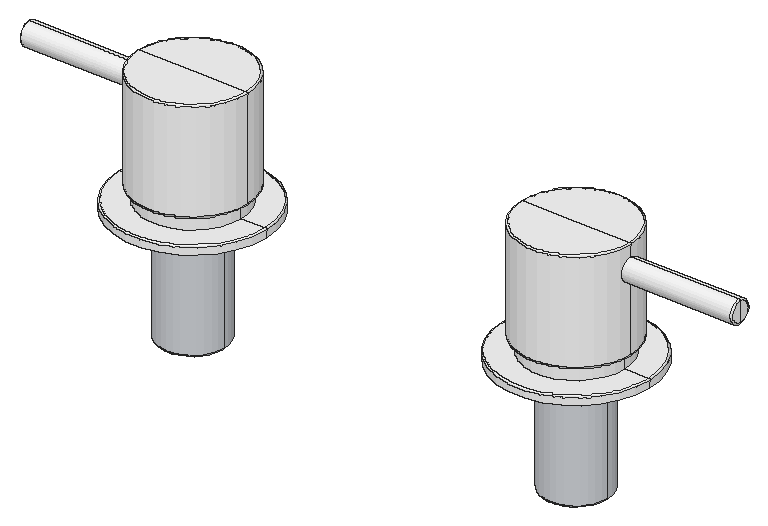
Revit family "Reece_Tap_Sussex_Scala_Basin Top Assembly", category Plumbing Fixtures, host Face, Revit 2018
Family settings
  Host = Face
  Round Connector Dimension = Use Diameter
  Part Type = Normal
  Cut with Voids When Loaded = No
  Shared = Yes
  Room Calculation Point = Yes
Parameters (values of type "Chrome")
  WFU = 0  # constant formula
  URL = "https://www.reece.com.au/product/-225933"
  Type Comments = "Tap"
  Reece_Tap_Inlet = 12 mm  # constant formula
  Reece_Tap_Handle_Spacing [instance] = if(Reece_Tap_Axis Distance < 50 mm, 50 mm, if(Reece_Tap_Axis Distance > 70 mm, Reece_Tap_Axis Distance, Reece_Tap_Axis Distance))  # 70 mm
  Reece_Tap_Axis Distance [instance] = 70 mm
  Reece_Product_Web Page = "https://www.reece.com.au/product/-225933"
  Reece_Product_Type = "Tap"  # constant formula
  Reece_Product_Sub Brand = "Scala"  # constant formula
  Reece_Product_Number = "225933"
  Reece_Product_Mount = "Hob Mounted"
  Reece_Product_Description = "Sussex Scala Basin Top Assembly Chrome"
  Reece_Product_Brand = "Sussex"  # constant formula
  Reece_Overall_Height = 45 mm  # constant formula
  Reece_Overall_Diameter = 54 mm  # constant formula
  Reece_Material_Main = Reece_Brass_Chrome
  Reece_Detail_Installation = ""
  Reece_Detail_Disclaimer = "THIS FILE IS THE PROPERTY OF THE REECE GROUP. IT MAY NOT BE REPRODUCED, REVERSE-ENGINEERED OR MODIFIED. ANY REPUBLICATION, TRANSMISSION OR DISTRIBUTION FOR THE PURPOSE OF COMMERCIALLY EXPLOITING THE FILES IS PROHIBITED."  # constant formula
  Reece_Detail_Connector = ""
  Reece_Detail_Additional = "Basin Top Assembly"  # constant formula
  Reece_Backplate_Thickness = 3 mm  # constant formula
  Model = "Scala"
  Manufacturer = "Sussex"
  Keynote = "Product #225933, Reece_Tap_Sussex_Scala_Basin Top Assembly - Chrome"
  HWFU = 0  # constant formula
  Disclaimer = "THIS FILE IS THE PROPERTY OF THE REECE GROUP. IT MAY NOT BE REPRODUCED, REVERSE-ENGINEERED OR MODIFIED. ANY REPUBLICATION, TRANSMISSION OR DISTRIBUTION FOR THE PURPOSE OF COMMERCIALLY EXPLOITING THE FILES IS PROHIBITED."  # constant formula
  Description = "Scala Basin Top Assembly Chrome"
  Default Elevation = 1000 mm
  CWFU = 0  # constant formula
Reference planes
  plane 1 "Center (Front/Back)": y = 0
  plane 2 "Bottom": z = 0
  plane 3 "Center (Left/Right)": x = 0
  plane 4 "Top": z = 45
  plane 5: x = 70
  plane 6: x = -70
  plane 7: x = -97
  plane 8: x = -43
  plane 9: x = 43
  plane 10: x = 97
  plane 11: z = 3
Forms (mm)
  Extrusion 1, void
    sketch origin (0, 0, 0) x (1, 0, 0) y (0, 1, 0)
      loop
        circle (-70, 0) r 20
    from -38.922 to 0
  Extrusion 2, void
    sketch origin (0, 0, 0) x (1, 0, 0) y (0, 1, 0)
      loop
        circle (70, 0) r 20
    from 0 to -38.922
  Revolve 3, solid
    sketch origin (0, 0, 0) x (1, 0, 0) y (0, 0, 1)
      loop
        line (-70, 0) -> (-70, -40.844) -> (-60.357, -40.844) -> (-60.357, -42.197) -> (-59.072, -42.197) -> (-58.339, -41.464) -> (-58.339, 0) -> (-70, 0)
      axis (-70, 0) -> (-70, -42.197)
    angle from 0 to 360
  Revolve 4, solid
    sketch origin (140, 0, 0) x (1, 0, 0) y (0, 0, 1)
      loop
        line (-70, 0) -> (-70, -40.844) -> (-60.357, -40.844) -> (-60.357, -42.197) -> (-59.072, -42.197) -> (-58.339, -41.464) -> (-58.339, 0) -> (-70, 0)
      axis (-70, 0) -> (-70, -42.197)
    angle from 0 to 360
Text (mm)
  text "Reece Copyright © 2018, Reece Ltd." at (-296.293, -239.185, 0), in view "Ref. Level"
  text "Reece ©" at (44.384, 258.95, 192.345), in view "Reece Preview"
Dimensions and locks
  equal spacing: plane 6, plane 3 "Center (Left/Right)", plane 5
  "Reece_Tap_Handle_Spacing": plane 6 to plane 3 "Center (Left/Right)" to plane 5
  equal spacing: plane 7, plane 6, plane 8
  equal spacing: plane 9, plane 5, plane 10
  "Reece_Overall_Diameter": plane 7 to plane 8
  "Reece_Overall_Diameter": plane 9 to plane 10
  "Reece_Overall_Height": plane 4 "Top" to plane 2 "Bottom"
  "Reece_Backplate_Thickness": plane 11 to host face
  aligned and locked: plane 2 "Bottom" to host face
  aligned and locked: level to host face
  aligned and locked: nested 1 to plane 6
  aligned and locked: nested 1 to plane 1 "Center (Front/Back)"
  aligned and locked: plane 5 to nested 2
  aligned and locked: plane 1 "Center (Front/Back)" to nested 2
  aligned and locked: nested 1 to Revolve 3 sketch curve
  aligned and locked: Revolve 4 sketch curve to plane 5
Automatic sketch dimensions
  host sketch curve to host sketch curve = 380.785 mm
  host sketch curve to host sketch curve = 317.421 mm
  plane 1 "Center (Front/Back)" to Extrusion 1 sketch curve = 0 mm
  Extrusion 1 sketch curve to plane 6 = 0 mm
  plane 1 "Center (Front/Back)" to Extrusion 2 sketch curve = 0 mm
  Extrusion 2 sketch curve to plane 5 = 0 mm
  Revolve 3 sketch curve to level = 0 mm
  plane 6 to Revolve 3 sketch curve = 0 mm
  Revolve 3 sketch curve to plane 6 = 9.643 mm
  Revolve 3 sketch curve to Revolve 3 sketch curve = 1.285 mm
  plane 8 to Revolve 3 sketch curve = 15.339 mm
  Revolve 3 sketch curve to Revolve 3 sketch curve = 40.844 mm
  Revolve 3 sketch curve to Revolve 3 sketch curve = 0.621 mm
  Revolve 3 sketch curve to Revolve 3 sketch curve = 1.353 mm
  Revolve 3 sketch curve to Revolve 3 sketch curve = 17.355 mm
  Revolve 3 sketch curve to Revolve 3 sketch curve = 10 mm
  Revolve 4 sketch curve to level = 0 mm
  Revolve 4 sketch curve to plane 5 = 0 mm
  plane 5 to Revolve 4 sketch curve = 9.643 mm
  Revolve 4 sketch curve to Revolve 4 sketch curve = 1.285 mm
  plane 10 to Revolve 4 sketch curve = 15.339 mm
  Revolve 4 sketch curve to level = 40.844 mm
  Revolve 4 sketch curve to Revolve 4 sketch curve = 0.621 mm
  Revolve 4 sketch curve to Revolve 4 sketch curve = 1.353 mm
  Revolve 4 sketch curve to level = 17.355 mm
  Revolve 4 sketch curve to Revolve 4 sketch curve = 10 mm
  radius of Extrusion 1 sketch curve = 20 mm
  radius of Extrusion 2 sketch curve = 20 mm
Nested families
  nested 1: "Reece_Tap_Sussex_Scala_Set_Mixer_Nested" at (-70, 0, 0) x (0, 1, 0) z (0, 0, 1), Reece_Material_Main <- "Reece_Material_Main", Reece_Backplate_Thickness <- "Reece_Backplate_Thickness", Reece_Overall_Height <- "Reece_Overall_Height", type "Reece_Tap_Sussex_Scala_Set_Mixer_Nested"
    with Reece_Overall_Height 45 mm, Reece_Material_Main Reece_Brass_Chrome, Reece_Backplate_Thickness 3 mm
  nested 2: "Reece_Tap_Sussex_Scala_Set_Mixer_Nested" at (70, 0, 0) x (0, 1, 0) z (0, 0, 1), Reece_Material_Main <- "Reece_Material_Main", Reece_Backplate_Thickness <- "Reece_Backplate_Thickness", Reece_Overall_Height <- "Reece_Overall_Height", type "Reece_Tap_Sussex_Scala_Set_Mixer_Nested"
    with Reece_Overall_Height 45 mm, Reece_Material_Main Reece_Brass_Chrome, Reece_Backplate_Thickness 3 mm
Connectors
  piping at (-70, 0, -42.197), diameter 12, driven by "Reece_Tap_Inlet"
    settings: on Revolve 3, index 1, connector inside diameter 609.6 mm, connector length 0 mm, flow factor 0, pipe flow 0.0 L/s, pressure drop 0.0 Pa, fitting loss kfactor 0, connector angle 0.00°, fixture units 0, engagement length 0 mm, angle of deflection 0.00°, flow configuration 0, flow direction 1, fitting loss method 0, system type 29, joint type 0, gender type 0, connector reference index -1, connector utility 0, adjustable connector no, is connector primary yes, connector description ""
  piping at (70, 0, -42.197), diameter 12, driven by "Reece_Tap_Inlet"
    settings: on Revolve 4, index 2, connector inside diameter 609.6 mm, connector length 0 mm, flow factor 0, pipe flow 0.0 L/s, pressure drop 0.0 Pa, fitting loss kfactor 0, connector angle 0.00°, fixture units 0, engagement length 0 mm, angle of deflection 0.00°, flow configuration 0, flow direction 1, fitting loss method 0, system type 29, joint type 0, gender type 0, connector reference index -1, connector utility 0, adjustable connector no, is connector primary no, connector description ""
Definition of nested family "Reece_Tap_Sussex_Scala_Set_Mixer_Nested"
  Parameters (values of type "Reece_Tap_Sussex_Scala_Set_Mixer_Nested")
    Waste Connection = no
    WFU = 0
    Vent Connection = no
    URL = ""
    Type Comments = ""
    Reece_Overall_Height [instance] = 45 mm
    Reece_Material_Main [instance] = none
    Reece_Backplate_Thickness [instance] = 3 mm
    Model = ""
    Manufacturer = ""
    Keynote = ""
    HWFU = 0
    HW Connection = no
    Description = ""
    Default Elevation = 0 mm
    Cost = 0
    CWFU = 0
    CW Connection = no
    Assembly Code = ""
  Reference planes
    plane 1 "Center (Front/Back)": y = 0
    plane 2 "Bottom": z = 0
    plane 3 "Center (Left/Right)": x = 0
    plane 4: y = -27
    plane 5: y = 27
    plane 6: y = -20
    plane 7: y = 20
    plane 8: z = 36.5
    plane 9: x = -27
    plane 10: x = 27
    plane 11: y = 60
    plane 12: z = 45
    plane 13: z = 3
  Forms (mm)
    Extrusion 1, solid
      sketch origin (619.2, -619.2, 0) x (1, 0, 0) y (0, 1, 0)
        loop
          line (-809.2, 779.2) -> (-809.2, 461.779) -> (-428.415, 461.779) -> (-428.415, 779.2) -> (-809.2, 779.2)
      from 0 to -9.564
    Revolve 2, solid, material <- "Reece_Material_Main"
      sketch origin (0, 0, 0) x (0, 1, 0) y (0, 0, 1)
        loop
          line (0, 0) -> (0, 45) -> (-19.5, 45)
          arc (-19.5, 45) -> (-19.854, 44.854) -> (-20, 44.5) r 0.5
          line (-20, 44.5) -> (-20, 8.5)
          arc (-20, 8.5) -> (-19.854, 8.146) -> (-19.5, 8) r 0.5
          line (-19.5, 8) -> (-17.75, 8) -> (-17.75, 3) -> (-26.5, 3)
          arc (-26.5, 3) -> (-26.854, 2.854) -> (-27, 2.5) r 0.5
          line (-27, 2.5) -> (-27, 0) -> (0, 0)
        axis (0, 45) -> (0, 0)
      angle from 0 to 360
    Revolve 3, solid, material <- "Reece_Material_Main"
      sketch origin (0, 0, 0) x (0, -1, 0) y (0, 0, -1)
        loop
          line (0, -36.5) -> (-60, -36.5) -> (-60, -40)
          arc (-60, -40) -> (-59.854, -40.354) -> (-59.5, -40.5) r 0.5
          line (-59.5, -40.5) -> (0, -40.5) -> (0, -36.5)
        axis (0, -36.5) -> (-60, -36.5)
      angle from 0 to 360
  Cuts and joins
    joined: Revolve 2, Revolve 3
  Text (mm)
    text "Reece Copyright © 2018, Reece Ltd." at (-1403.988, -1192.393, 0), in view "Ref. Level"
    text "Reece ©" at (44.384, 258.95, 192.345), in view "Reece Preview"
  Dimensions and locks
    locked: plane 12 to plane 8 at 8.5
    "Reece_Backplate_Thickness": plane 13 to plane 2 "Bottom"
    "Reece_Overall_Height": plane 12 to plane 2 "Bottom"
    plane 11 to plane 6 = 80 mm
    aligned and locked: plane 2 "Bottom" to Extrusion 1
    aligned and locked: level to Extrusion 1
    aligned and locked: Revolve 2 sketch curve to plane 12
    aligned and locked: plane 13 to Revolve 2 sketch curve
  Automatic sketch dimensions
    Extrusion 1 sketch curve to Extrusion 1 sketch curve = 380.785 mm
    Extrusion 1 sketch curve to Extrusion 1 sketch curve = 317.421 mm
    plane 8 to Revolve 3 sketch curve = 0 mm
    Revolve 3 sketch curve to plane 11 = 0 mm
    Revolve 3 sketch curve to plane 8 = 0 mm
    Revolve 3 sketch curve to plane 1 "Center (Front/Back)" = 0 mm
    plane 11 to Revolve 3 sketch curve = 0.5 mm
    plane 8 to Revolve 3 sketch curve = 3.5 mm
    Revolve 3 sketch curve to plane 1 "Center (Front/Back)" = 5 mm
    Revolve 3 sketch curve to Revolve 3 sketch curve = 5 mm
    level to Revolve 2 sketch curve = 0 mm
    Revolve 2 sketch curve to plane 4 = 0 mm
    Revolve 2 sketch curve to plane 6 = 0 mm
    Revolve 2 sketch curve to plane 1 "Center (Front/Back)" = 0 mm  (x2)
    plane 4 to Revolve 2 sketch curve = 0.5 mm
    Revolve 2 sketch curve to Revolve 2 sketch curve = 0.5 mm  (x2)
    Revolve 2 sketch curve to Revolve 2 sketch curve = 1.75 mm
    Revolve 2 sketch curve to Revolve 2 sketch curve = 5 mm
    Revolve 2 sketch curve to level = 20 mm
    plane 13 to Revolve 2 sketch curve = 10 mm
